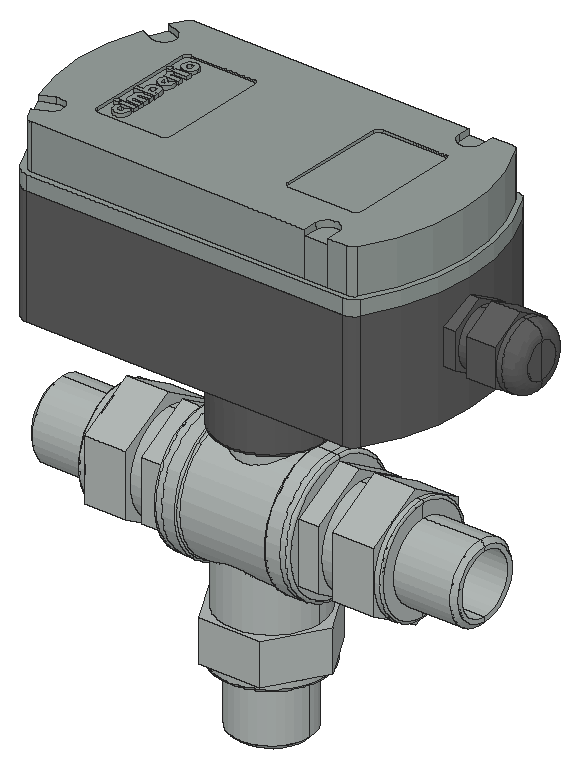
Revit family "QD32600000", category Apparecchi idraulici, Revit 2020
Family settings
  Quota connettore circolare = Usa diametro
  Tipo di parte = Normale
  Numero OmniClass = 23.45.00.00
  Titolo OmniClass = Sanitary, Laundry, and Cleaning Equipment
  Basato su piano di lavoro = No
  Sempre verticale = Sì
  Taglio con vuoti quando caricato = No
  Condiviso = No
  Punto di calcolo locali = No
Parameters
  URL = "https://web.cimberio.it/index.php/figura/619?subcategoria_id=74926"
  Temperatura di esercizio = "-20 ÷ 150°C"
  Prospetto di default = 0 mm
  Produttore = "CIMBERIO SPA"
  Pressione nominale = "PN 40"
  Modello = "Cim 708"
  Materiale = "Prodotto in lega di ottone conforme alla norma EN 12165-CW617N-DW"
  Descrizione = "Utilizzato nei più svariati settori dell'impiantistica: impianti di riscaldamento, condizionamento, idrici, igienico-sanitari, aria compressa e in generale con ogni fluido non corrosivo.\r\nParticolarmente indicato come valvola di zona per la regolazione e contabilizzazione di impianti di riscaldamento singoli o a zone, impianti con utilizzazione di energie alternative, impianti con fluidi caldi o freddi e impianti di automazione in genere."
  DN Model [instance] = QD32601020 : QD32601020
  DN [instance] = 20 mm
  Commenti sul tipo = "Realizzato in ottemperanza ai requisiti gestionali della norma EN ISO 9001.\r\nCollaudato al 100% secondo la normativa EN 12266-1."
Reference planes
  plane 1 "Centro (Fronte/Retro)": y = 0
  plane 2: z = 0
  plane 3 "Centro (Sinistra/Destra)": x = 0
Dimensions and locks
  aligned and locked: level to plane 2
Nested families
  nested 1: "QD32601020" at (0, 0, 0), type <- "DN Model", type "QD32601020"
  nested 2: "QD32601020" at (0, 0, 0), type <- "DN Model", type "QD32601020"
  nested 3: "QD32601020" at (0, 0, 0), type <- "DN Model", type "QD32601020"
  nested 4: "QD32601020" at (0, 0, 0), type <- "DN Model", type "QD32601020"
Connectors
  piping at (-72.6, 0, 0), diameter 20, driven by "DN"
    settings: on nested 1, index 1, connector inside diameter 609.6 mm, connector length 0 mm, flow factor 0, pipe flow 0.0 L/s, pressure drop 0.0 Pa, fitting loss kfactor 0, connector angle 0.00°, fixture units 0, engagement length 0 mm, angle of deflection 0.00°, flow configuration 0, flow direction 0, fitting loss method 0, system type 7, joint type 0, gender type 0, connector reference index -1, connector utility 0, adjustable connector no, is connector primary yes, connector description ""
  piping at (72.6, 0, 0), diameter 20, driven by "DN"
    settings: on nested 1, index 2, connector inside diameter 609.6 mm, connector length 0 mm, flow factor 0, pipe flow 0.0 L/s, pressure drop 0.0 Pa, fitting loss kfactor 0, connector angle 0.00°, fixture units 0, engagement length 0 mm, angle of deflection 0.00°, flow configuration 0, flow direction 0, fitting loss method 0, system type 7, joint type 0, gender type 0, connector reference index -1, connector utility 0, adjustable connector no, is connector primary no, connector description ""
  piping at (0, 0, -69.2), diameter 20, driven by "DN"
    settings: on nested 1, index 3, connector inside diameter 609.6 mm, connector length 0 mm, flow factor 0, pipe flow 0.0 L/s, pressure drop 0.0 Pa, fitting loss kfactor 0, connector angle 0.00°, fixture units 0, engagement length 0 mm, angle of deflection 0.00°, flow configuration 0, flow direction 0, fitting loss method 0, system type 7, joint type 0, gender type 0, connector reference index -1, connector utility 0, adjustable connector no, is connector primary no, connector description ""
Definition of nested family "QD32601020"
  Parameters (values of type "QD32601020")
    URL = "https://web.cimberio.it/index.php/figura/394?subcategoria_id="
    Temperatura di esercizio = "-10 ÷ 95°C"
    Default Elevation = 0 mm
    Manufacturer = "CIMBERIO SPA"
    Pressione nominale = "PN 16"
    Model = "Cim 32"
    Materiale = "Prodotto in lega di ottone conforme alla norma EN 12165-CW617N-DW"
    Description = "Impiegato nei più svariati settori dell'impiantistica in condutture anti-ritorno per: reti di distribuzione acqua potabile, impianti di riscaldamento, condizionamento, igienico-sanitari e in generale con ogni fluido non corrosivo."
    DN [instance] = 50 mm
    Type Comments = "Realizzato in ottemperanza ai requisiti gestionali della norma EN ISO 9001.\r\nCollaudato al 100% secondo la normativa EN 12266-1"
  Reference planes
    plane 1 "Centro (Fronte/Retro)": y = 0
    plane 2: z = 0
    plane 3 "Centro (Sinistra/Destra)": x = 0
  Forms (mm)
    Revolve 1, solid
      sketch origin (0, 0, 0) x (1, 0, 0) y (0, 0, 1)
        loop
          line (11.504, 21.487) -> (11.504, 37.805) -> (0, 37.805) -> (0, 8.315) -> (12.31, 8.315) -> (12.31, 20.681)
          arc (12.31, 20.681) -> (11.74, 20.917) -> (11.504, 21.487) r 0.806
        axis (0, 37.805) -> (0, 8.315)
      angle from 0 to 360
    Extrusion 2, solid
      sketch origin (0, 0, 6.5) x (1, 0, 0) y (0, 0, 1)
        loop
          line (-16, 34.091) -> (-16, 17.197) -> (-11, 17.197) -> (-11, 34.091) -> (-16, 34.091)
      from -0.812 to 0.713
    Revolve 3, solid
      sketch origin (0, 0, 0) x (1, 0, 0) y (0, 0, 1)
        loop
          line (0, 51.8) -> (0, 36.671) -> (3.652, 36.671) -> (3.652, 23.3) -> (16.983, 23.3)
          arc (16.983, 23.3) -> (17.427, 23.419) -> (17.69, 23.796) r 0.672
          line (17.69, 23.796) -> (17.955, 46.8) -> (19, 46.8)
          arc (19, 46.8) -> (19.707, 47.093) -> (20, 47.8) r 1
          line (20, 47.8) -> (20, 51.8) -> (0, 51.8)
        axis (0, 51.8) -> (0, 23.3)
      angle from 0 to 360
    Extrusion 4, solid
      sketch origin (0, 0, 0) x (1, 0, 0) y (0, 1, 0)
        loop
          arc (-53.687, 37) -> (-56.156, 36.347) -> (-57.982, 34.56) r 5
          arc (-57.982, 34.56) -> (-67.5, 0) -> (-57.982, -34.56) r 67.5
          arc (-57.982, -34.56) -> (-56.156, -36.347) -> (-53.687, -37) r 5
          line (-53.687, -37) -> (53.687, -37)
          arc (53.687, -37) -> (56.156, -36.347) -> (57.982, -34.56) r 5
          arc (57.982, -34.56) -> (67.5, 0) -> (57.982, 34.56) r 67.5
          arc (57.982, 34.56) -> (56.156, 36.347) -> (53.687, 37) r 5
          line (53.687, 37) -> (-53.687, 37)
      from 51.8 to 91.8
    Extrusion 5, solid
      sketch origin (0, 0, 40) x (1, 0, 0) y (0, 1, 0)
        loop
          arc (-53.687, 37) -> (-56.156, 36.347) -> (-57.982, 34.56) r 5
          arc (-57.982, 34.56) -> (-67.5, 0) -> (-57.982, -34.56) r 67.5
          arc (-57.982, -34.56) -> (-56.156, -36.347) -> (-53.687, -37) r 5
          line (-53.687, -37) -> (53.687, -37)
          arc (53.687, -37) -> (56.156, -36.347) -> (57.982, -34.56) r 5
          arc (57.982, -34.56) -> (67.5, 0) -> (57.982, 34.56) r 67.5
          arc (57.982, 34.56) -> (56.156, 36.347) -> (53.687, 37) r 5
          line (53.687, 37) -> (-53.687, 37)
      from 51.8 to 56.8
    Extrusion 6, solid
      sketch origin (0, 0, 0) x (1, 0, 0) y (0, 1, 0)
        loop
          arc (-53.687, 35) -> (-55.168, 34.608) -> (-56.264, 33.536) r 3
          arc (-56.264, 33.536) -> (-57.395, 31.561) -> (-58.457, 29.547) r 65.5
          arc (-58.457, 29.547) -> (-60.152, 25.922) -> (-61.623, 22.2) r 65.5
          arc (-61.623, 22.2) -> (-65.5, 0) -> (-61.623, -22.2) r 65.5
          arc (-61.623, -22.2) -> (-60.152, -25.922) -> (-58.457, -29.547) r 65.5
          arc (-58.457, -29.547) -> (-57.395, -31.561) -> (-56.264, -33.536) r 65.5
          arc (-56.264, -33.536) -> (-55.168, -34.608) -> (-53.687, -35) r 3
          line (-53.687, -35) -> (39.293, -35) -> (47.293, -35) -> (53.687, -35)
          arc (53.687, -35) -> (55.168, -34.608) -> (56.264, -33.536) r 3
          arc (56.264, -33.536) -> (65.5, 0) -> (56.264, 33.536) r 65.5
          arc (56.264, 33.536) -> (55.168, 34.608) -> (53.687, 35) r 3
          line (53.687, 35) -> (47.293, 35) -> (39.293, 35) -> (-53.687, 35)
      from 96.8 to 111.8
    Extrusion 7, solid
      sketch origin (0, 0, 74.844) x (0, 1, 0) y (0, 0, 1)
        loop
          line (0, 11.95) -> (-10.349, 5.975) -> (-10.349, -5.975) -> (0, -11.95) -> (10.349, -5.975) -> (10.349, 5.975) -> (0, 11.95)
      from 53.687 to 71
    Revolve 8, solid
      sketch origin (0, 0, 0) x (1, 0, 0) y (0, 0, 1)
        loop
          line (71, 84.3) -> (71, 79.687) -> (75, 79.687) -> (75, 84.3) -> (71, 84.3)
        axis (71, 74.844) -> (75, 74.844)
      angle from 0 to 360
    Extrusion 9, solid
      sketch origin (0, 0, 0) x (0, 1, 0) y (0, 0, 1)
        loop
          line (0, 87.344) -> (-10.825, 81.094) -> (-10.825, 68.594) -> (0, 62.344) -> (10.825, 68.594) -> (10.825, 81.094) -> (0, 87.344)
      from 75 to 85
    Revolve 10, solid
      sketch origin (0, 0, 0) x (1, 0, 0) y (0, 0, 1)
        loop
          line (92, 74.844) -> (92, 80.8)
          arc (92, 80.8) -> (90.535, 84.336) -> (86.998, 85.8) r 5
          line (86.998, 85.8) -> (85, 85.8) -> (85, 74.844) -> (92, 74.844)
        axis (85, 74.844) -> (92, 74.844)
      angle from 0 to 360
    Extrusion 11, void
      sketch origin (0, 0, 0) x (1, 0, 0) y (0, 1, 0)
        loop
          arc (-57.295, 20.329) -> (-52.036, 22.412) -> (-54.12, 27.671) r 4
          line (-54.12, 27.671) -> (-59.289, 29.907) -> (-62.465, 22.564) -> (-57.295, 20.329)
        loop
          arc (-54.12, -27.671) -> (-52.036, -22.412) -> (-57.295, -20.329) r 4
          line (-57.295, -20.329) -> (-62.083, -22.399) -> (-58.908, -29.742) -> (-54.12, -27.671)
        loop
          arc (39.293, 30.5) -> (43.293, 26.5) -> (47.293, 30.5) r 4
          line (47.293, 30.5) -> (47.293, 35.946) -> (39.293, 35.946) -> (39.293, 30.5)
        loop
          line (39.293, -30.43) -> (39.293, -35) -> (47.293, -35) -> (47.293, -30.5)
          arc (47.293, -30.5) -> (43.293, -26.5) -> (39.293, -30.5) r 4
      from 109.8 to 117.274
    Extrusion 12, void
      sketch origin (0, 0, 0) x (1, 0, 0) y (0, 1, 0)
        loop
          line (-21.999, 20) -> (-43.001, 20)
          arc (-43.001, 20) -> (-44.415, 19.414) -> (-45, 18) r 2
          line (-45, 18) -> (-45, -18)
          arc (-45, -18) -> (-44.414, -19.415) -> (-42.999, -20) r 2
          line (-42.999, -20) -> (-21.999, -20)
          arc (-21.999, -20) -> (-20.585, -19.414) -> (-20, -18) r 2
          line (-20, -18) -> (-20, 18)
          arc (-20, 18) -> (-20.585, 19.414) -> (-21.999, 20) r 2
        loop
          arc (22.001, 20) -> (20.586, 19.415) -> (20, 18) r 2
          line (20, 18) -> (20, -18)
          arc (20, -18) -> (20.586, -19.415) -> (22.001, -20) r 2
          line (22.001, -20) -> (43.001, -20)
          arc (43.001, -20) -> (44.415, -19.414) -> (45, -18) r 2
          line (45, -18) -> (45, 18)
          arc (45, 18) -> (44.415, 19.414) -> (43.001, 20) r 2
          line (43.001, 20) -> (22.001, 20)
      from 111.039 to 121
    Extrusion 13, solid
      sketch origin (0, 0, 111.039) x (1, 0, 0) y (0, 1, 0)
        loop
          arc (-41.222, -13.089) -> (-39.283, -17.248) -> (-37.344, -13.089) r 2.531
          line (-37.344, -13.089) -> (-38.507, -14.066)
          arc (-38.507, -14.066) -> (-39.283, -15.729) -> (-40.058, -14.066) r 1.013
          line (-40.058, -14.066) -> (-41.222, -13.089)
        loop
          line (-36.751, -12.583) -> (-36.751, -11.064) -> (-41.814, -11.064) -> (-41.814, -12.583) -> (-36.751, -12.583)
        loop
          circle (-43.08, -11.824) r 0.861
        loop
          line (-36.751, -9.039) -> (-39.89, -9.039)
          arc (-39.89, -9.039) -> (-40.295, -8.634) -> (-39.89, -8.229) r 0.405
          line (-39.89, -8.229) -> (-36.751, -8.229) -> (-36.751, -6.711) -> (-39.89, -6.711)
          arc (-39.89, -6.711) -> (-40.295, -6.306) -> (-39.89, -5.901) r 0.405
          line (-39.89, -5.901) -> (-36.751, -5.901) -> (-36.751, -4.382) -> (-39.89, -4.382)
          arc (-39.89, -4.382) -> (-41.614, -5.451) -> (-41.422, -7.47) r 1.924
          arc (-41.422, -7.47) -> (-41.614, -9.489) -> (-39.89, -10.558) r 1.924
          line (-39.89, -10.558) -> (-36.751, -10.558) -> (-36.751, -9.039)
        loop
          line (-43.839, -3.876) -> (-36.751, -3.876) -> (-36.751, -2.357) -> (-37.544, -2.357) -> (-36.841, -2.013)
          arc (-36.841, -2.013) -> (-39.465, 1.18) -> (-41.603, -2.357) r 2.531
          line (-41.603, -2.357) -> (-43.839, -2.357) -> (-43.839, -3.876)
        loop
          circle (-39.283, -1.344) r 1.012
        loop
          arc (-41.013, 6.072) -> (-39.435, 1.698) -> (-37.344, 5.851) r 2.531
          line (-37.344, 5.851) -> (-38.507, 4.875)
          arc (-38.507, 4.875) -> (-38.282, 4.378) -> (-38.348, 3.836) r 1.013
          line (-38.348, 3.836) -> (-41.013, 6.072)
        loop
          line (-38.738, 3.371) -> (-40.218, 4.612)
          arc (-40.218, 4.612) -> (-39.934, 3.449) -> (-38.738, 3.371) r 1.013
        loop
          line (-36.751, 6.358) -> (-36.751, 7.876) -> (-40.426, 7.876)
          arc (-40.426, 7.876) -> (-41.131, 9.395) -> (-41.814, 7.867) r 0.92
          line (-41.814, 7.867) -> (-41.814, 6.358) -> (-36.751, 6.358)
        loop
          line (-36.751, 9.901) -> (-36.751, 11.42) -> (-41.814, 11.42) -> (-41.814, 9.901) -> (-36.751, 9.901)
        loop
          circle (-43.08, 10.661) r 0.861
        loop
          circle (-39.283, 14.458) r 2.531
        loop
          circle (-39.283, 14.458) r 1.012
      from 0 to 1
    Revolve 14, solid
      sketch origin (0, 0, 0) x (1, 0, 0) y (0, 0, 1)
        loop
          line (-23.1, -10) -> (-23.1, -20.75)
          arc (-23.1, -20.75) -> (-22.807, -21.458) -> (-22.099, -21.75) r 1
          line (-22.099, -21.75) -> (-20.1, -21.75) -> (-15.5, -22)
          arc (-15.5, -22) -> (-15.146, -21.854) -> (-15, -21.5) r 0.5
          arc (-15, -21.5) -> (-14.854, -21.146) -> (-14.5, -21) r 0.5
          line (-14.5, -21) -> (14.5, -21)
          arc (14.5, -21) -> (14.854, -21.146) -> (15, -21.5) r 0.5
          arc (15, -21.5) -> (15.146, -21.854) -> (15.5, -22) r 0.5
          line (15.5, -22) -> (20.1, -21.75) -> (22.101, -21.75)
          arc (22.101, -21.75) -> (22.808, -21.457) -> (23.1, -20.75) r 1
          line (23.1, -20.75) -> (23.1, -10) -> (-23.1, -10)
        axis (-23.1, 0) -> (23.1, 0)
      angle from 0 to 360
    Extrusion 15, solid
      sketch origin (0, 0, 0) x (0, 1, 0) y (0, 0, -1)
        loop
          circle (0, 0) r 10
        loop
          line (0, -20.25) -> (17.537, -10.125) -> (17.537, 10.125) -> (0, 20.25) -> (-17.537, 10.125) -> (-17.537, -10.125) -> (0, -20.25)
      from -30.1 to -23.1
    Revolve 16, solid
      sketch origin (0, 0, 0) x (1, 0, 0) y (0, 0, 1)
        loop
          line (30.1, 16.575) -> (30.1, 10) -> (35.1, 10) -> (35.1, 16.575) -> (30.1, 16.575)
        axis (30.1, 0) -> (35.1, 0)
      angle from 0 to 360
    Extrusion 17, solid
      sketch origin (19, 0, 0) x (0, 1, 0) y (0, 0, -1)
        loop
          circle (0, 0) r 10
        loop
          line (0, -20.75) -> (17.97, -10.375) -> (17.97, 10.375) -> (0, 20.75) -> (-17.97, 10.375) -> (-17.97, -10.375) -> (0, -20.75)
      from -30.1 to -16.093
    Revolve 18, solid
      sketch origin (0, 0, 0) x (1, 0, 0) y (0, 0, 1)
        loop
          line (49.1, 10) -> (51.6, 10) -> (51.6, 17.285)
          arc (51.6, 17.285) -> (51.485, 17.737) -> (51.099, 18) r 0.66
          line (51.099, 18) -> (49.1, 18) -> (49.1, 10)
        axis (49.1, 0) -> (51.6, 0)
      angle from 0 to 360
    Revolve 19, solid
      sketch origin (0, 0, 0) x (1, 0, 0) y (0, 0, 1)
        loop
          line (51.6, 10) -> (72.6, 10) -> (72.6, 11.4) -> (71.1, 12.9) -> (51.6, 12.9) -> (51.6, 10)
        axis (51.6, 0) -> (72.6, 0)
      angle from 0 to 360
    Extrusion 20, solid
      sketch origin (0, 0, 0) x (0, 1, 0) y (0, 0, 1)
        loop
          circle (0, 0) r 10
        loop
          line (0, 20.25) -> (-17.537, 10.125) -> (-17.537, -10.125) -> (0, -20.25) -> (17.537, -10.125) -> (17.537, 10.125) -> (0, 20.25)
      from -30.1 to -23.1
    Revolve 21, solid
      sketch origin (0, 0, 0) x (-1, 0, 0) y (0, 0, 1)
        loop
          line (30.1, 16.575) -> (30.1, 10) -> (35.1, 10) -> (35.1, 16.575) -> (30.1, 16.575)
        axis (30.1, 0) -> (35.1, 0)
      angle from 0 to 360
    Extrusion 22, solid
      sketch origin (-19, 0, 0) x (0, 1, 0) y (0, 0, 1)
        loop
          circle (0, 0) r 10
        loop
          line (0, 20.75) -> (-17.97, 10.375) -> (-17.97, -10.375) -> (0, -20.75) -> (17.97, -10.375) -> (17.97, 10.375) -> (0, 20.75)
      from -30.1 to -16.093
    Revolve 23, solid
      sketch origin (0, 0, 0) x (-1, 0, 0) y (0, 0, 1)
        loop
          line (49.1, 10) -> (51.6, 10) -> (51.6, 17.285)
          arc (51.6, 17.285) -> (51.485, 17.737) -> (51.099, 18) r 0.66
          line (51.099, 18) -> (49.1, 18) -> (49.1, 10)
        axis (49.1, 0) -> (51.6, 0)
      angle from 0 to 360
    Revolve 24, solid
      sketch origin (0, 0, 0) x (-1, 0, 0) y (0, 0, 1)
        loop
          line (51.6, 10) -> (72.6, 10) -> (72.6, 11.4) -> (71.1, 12.9) -> (51.6, 12.9) -> (51.6, 10)
        axis (51.6, 0) -> (72.6, 0)
      angle from 0 to 360
    Revolve 25, solid
      sketch origin (0, 0, 3.4) x (0, 0, -1) y (1, 0, 0)
        loop
          line (13.382, -16.575) -> (35.1, -16.575) -> (35.1, -10) -> (13.382, -10) -> (13.382, -16.575)
        axis (13.382, 0) -> (35.1, 0)
      angle from 0 to 360
    Extrusion 26, solid
      sketch origin (0, 0, -15.6) x (0, 1, 0) y (-1, 0, 0)
        loop
          circle (0, 0) r 10
        loop
          line (0, 20.75) -> (-17.97, 10.375) -> (-17.97, -10.375) -> (0, -20.75) -> (17.97, -10.375) -> (17.97, 10.375) -> (0, 20.75)
      from -30.1 to -16.093
    Revolve 27, solid
      sketch origin (0, 0, 3.4) x (0, 0, -1) y (1, 0, 0)
        loop
          line (49.1, -10) -> (49.1, -18) -> (51.099, -18)
          arc (51.099, -18) -> (51.485, -17.737) -> (51.6, -17.285) r 0.66
          line (51.6, -17.285) -> (51.6, -10) -> (49.1, -10)
        axis (49.1, 0) -> (51.6, 0)
      angle from 0 to 360
    Revolve 28, solid
      sketch origin (0, 0, 3.4) x (0, 0, -1) y (1, 0, 0)
        loop
          line (51.6, -10) -> (51.6, -12.9) -> (71.1, -12.9) -> (72.6, -11.4) -> (72.6, -10) -> (51.6, -10)
        axis (51.6, 0) -> (72.6, 0)
      angle from 0 to 360
  Cuts and joins
    Extrusion 11 cuts Extrusion 4
    Extrusion 11 cuts Extrusion 5
    Extrusion 11, Extrusion 12 cuts Extrusion 6
  Dimensions and locks
    aligned and locked: level to plane 2
